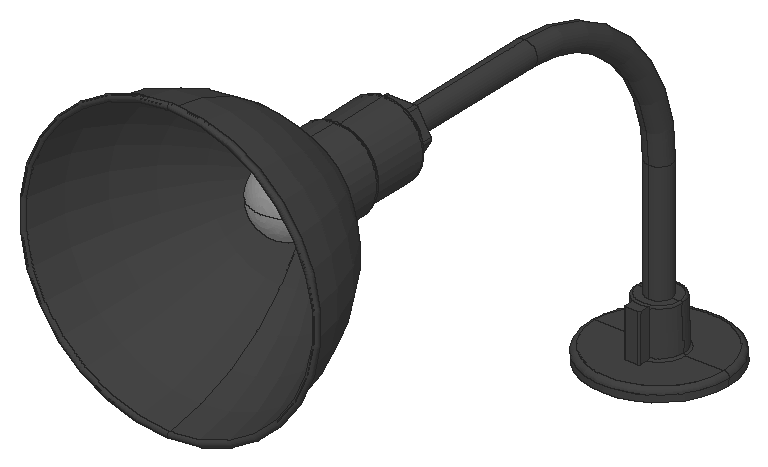
Revit family "BLE-G-DBW-G12-E26", category Lighting Fixtures, host Face, Revit 2022
Family settings
  Host = Face
  Round Connector Dimension = Use Diameter
  Part Type = Normal
  Cut with Voids When Loaded = No
  Light Source = Yes
  Maintain Annotation Orientation = No
  Shared = No
  Room Calculation Point = No
Parameters (values of type "10"")
  Wattage = 5.72229 W
  built-in parameter 1150110 = 1 (stored number, unit not read)
  built-in parameter 1114217 = 1 (stored number, unit not read)
  Tilt Angle = 0.00°
  built-in parameter 1150109 = 1 (stored number, unit not read)
  built-in parameter 1150134 = (empty or 0)
  built-in parameter 1150113 = 1 (stored number, unit not read)
  Gooseneck Material = 100 - Black
  Shade Material = 100 - Black
  Photometric Web File = "generic"
  built-in parameter 1150142 = (empty or 0)
  built-in parameter 1150105 = 67.641 (stored number, unit not read)
  Lumens = 850 lm
  built-in parameter 1150115 = 1 (stored number, unit not read)
  built-in parameter 1150137 = (empty or 0)
  built-in parameter 1150139 = (empty or 0)
  built-in parameter 1150112 = 1 (stored number, unit not read)
  built-in parameter 1150114 = 1 (stored number, unit not read)
  built-in parameter 1150132 = 2
  built-in parameter 1150102 = (empty or 0)
  built-in parameter 1150107 = 3000 (stored number, unit not read)
  built-in parameter 1150138 = (empty or 0)
  built-in parameter 1150106 = 0.67641 (stored number, unit not read)
  built-in parameter 1150104 = 13.8 (stored number, unit not read)
  20" = no
  Dimming Lamp Color Temperature Shift = <None>
  Default Elevation = 4' - 0"
  Color Filter = 16777215
  Base Material = 100 - Black
  built-in parameter 1114218 = 1 (stored number, unit not read)
  built-in parameter 1150133 = 10 (stored number, unit not read)
  16" = no
  14" = no
  12" = no
  10" = yes
Types (6): name | 20" | 16" | 14" | 12" | 10"
  (no name) | no | no | no | no | yes
  12" | no | no | no | yes | no
  14" | no | no | yes | no | no
  16" | no | yes | no | no | no
  10" | no | no | no | no | yes
  20" | yes | no | no | no | no
Reference planes (in)
  plane 1 "Center (Front/Back)": y = 0
  plane 2: z = 0
  plane 3 "Center (Left/Right)": x = 0
Lines and regions (in)
  reference lines
    curve 1: line (0, 32, 0) -> (0, -36, 0)
    curve 2: line (-33.11947, 0, 0) -> (37.88053, 0, 0)
Dimensions and locks (in)
  locked: plane 1 "Center (Front/Back)" to imposter light at 15.5
  aligned and locked: plane 2 to host face
  aligned and locked: level to host face
  aligned and locked: plane 3 "Center (Left/Right)" to nested 1
  aligned and locked: plane 1 "Center (Front/Back)" to nested 1
  aligned and locked: nested 4 to imposter light
  aligned and locked: imposter light to nested 6  (x2)
  aligned and locked: nested 7 to nested 3
  aligned and locked: imposter light to plane 3 "Center (Left/Right)"
  aligned and locked: plane 1 "Center (Front/Back)" to nested 2
  aligned and locked: imposter light to nested 7
  aligned and locked: nested 5 to nested 2
  aligned and locked: imposter light to nested 3  (x2)
  aligned and locked: nested 3 to nested 5
Nested families (in)
  nested 1: "WBP-7501" at (0, 0, 0), type "WBP-7501"
  nested 2: "G12" at (0, 0, 1.975), type "GNK-5011"
  nested 3: "DBW Shade" at (0, -11.40156, 11.59994) x (0, 0, -1) z (0, -1, 0), type "DBW Shade"
    with 24" no, 20" no, 16" no, 14" no, 12" no
  nested 4: "103264" at (0, -3.60156, 11.59994) x (0, 0, -1) z (0, -1, 0), type "103264"
    with Heat Sink 9" no
  nested 5: "CPL-0004" at (0, -10.75138, 11.59994) x (1, 0, 0) z (0, -1, 0), type "CPL-0004"
  nested 6: "E26 Socket Assy" at (0, -11.44062, 11.59994) x (0, 0, -1) z (0, -1, 0), type "E26 Socket Assy"
  nested 7: "E26 Bulb" at (0, -13.69561, 11.59994) x (1, 0, 0) z (0, -1, 0), type "E26 Bulb"
Connectors (in)
  electrical at (0, 0, 0)
    settings: index 1, voltage 0 V, apparent load 0 VA, apparent load phase1 0 VA, apparent load phase2 0 VA, apparent load phase3 0 VA, power factor 1, load classification "Other", number of poles 1, system type 31, power factor state 1, is connector primary yes, connector utility no, sub classification motor no, connector description ""
Definition of nested family "WBP-7501"
  Parameters (values of type "WBP-7501")
    Default Elevation = 3' - 0"
    Base Material = none
  Reference planes (in)
    plane 1 "Center (Front/Back)": y = 0
    plane 2: z = 0
    plane 3 "Center (Left/Right)": x = 0
    plane 4 "Base Dia": x = -2.325
    plane 5 "Base Height": z = 0.4
    plane 6 "Fillet Radius": z = 0.225
    plane 7: z = 0.458
    plane 8: x = -0.87
    plane 9: x = -0.81
    plane 10: x = -0.76
    plane 11: z = 1.917
    plane 12: z = 1.975
    plane 13: x = -0.7
    plane 14: x = -0.2595
    plane 15: x = 0.2595
    plane 16: y = -1.135
  Forms (in)
    Extrusion 1, solid
      sketch origin (0, 0, 0) x (1, 0, 0) y (0, 1, 0)
        loop
          line (-48, 48) -> (-48, -48) -> (48, -48) -> (48, 48) -> (-48, 48)
      from 0 to -12
    Revolve 2, solid, material <- "Base Material"
      sketch origin (0, 0, 0) x (1, 0, 0) y (0, 0, 1)
        loop
          line (0, 0) -> (0, 1.975) -> (-0.7, 1.975)
          arc (-0.7, 1.975) -> (-0.74172, 1.95814) -> (-0.76, 1.91702) r 0.06003
          line (-0.76, 1.91702) -> (-0.81, 0.458)
          arc (-0.81, 0.458) -> (-0.82699, 0.41699) -> (-0.868, 0.4) r 0.058
          line (-0.868, 0.4) -> (-2.15, 0.4)
          arc (-2.15, 0.4) -> (-2.27374, 0.34874) -> (-2.325, 0.225) r 0.175
          line (-2.325, 0.225) -> (-2.325, 0) -> (0, 0)
        axis (0, 0) -> (0, 1.975)
      angle from 0 to 360
    Extrusion 3, solid, material <- "Base Material"
      sketch origin (0, 0, 0) x (1, 0, 0) y (0, 1, 0)
        loop
          line (-0.2595, -0.76731) -> (-0.2595, -1.075)
          arc (-0.2595, -1.075) -> (-0.24193, -1.11743) -> (-0.1995, -1.135) r 0.06
          line (-0.1995, -1.135) -> (0.1995, -1.135)
          arc (0.1995, -1.135) -> (0.24193, -1.11743) -> (0.2595, -1.075) r 0.06
          line (0.2595, -1.075) -> (0.2595, -0.76731)
          arc (0.2595, -0.76731) -> (0, -0.81) -> (-0.2595, -0.76731) r 0.81
      from 0 to 1.975
  Cuts and joins
    joined: Revolve 2, Extrusion 3
  Dimensions and locks (in)
    plane 4 "Base Dia" to plane 3 "Center (Left/Right)" = 0' - 2.325"
    locked: plane 5 "Base Height" to Extrusion 1 at 0.4
    locked: plane 3 "Center (Left/Right)" to plane 4 "Base Dia" at 2.325
    locked: plane 5 "Base Height" to plane 6 "Fillet Radius" at 0.175
    locked: plane 3 "Center (Left/Right)" to plane 9 at 0.81
    locked: plane 3 "Center (Left/Right)" to plane 8 at 0.87
    locked: plane 3 "Center (Left/Right)" to plane 10 at 0.76
    locked: plane 3 "Center (Left/Right)" to plane 13 at 0.7
    locked: plane 11 to plane 5 "Base Height" at 1.517
    locked: plane 12 to plane 5 "Base Height" at 1.575
    locked: plane 7 to plane 5 "Base Height" at 0.058
    locked: plane 14 to plane 3 "Center (Left/Right)" at 0.2595
    locked: plane 3 "Center (Left/Right)" to plane 15 at 0.2595
    locked: plane 16 to plane 1 "Center (Front/Back)" at 1.135
    radius of Revolve 2 sketch curve = 0' - 0.175"
    aligned and locked: plane 2 to Extrusion 1
    aligned and locked: level to Extrusion 1
    aligned and locked: Revolve 2 sketch curve to plane 5 "Base Height"
    aligned and locked: plane 9 to Revolve 2 sketch curve
    aligned and locked: plane 3 "Center (Left/Right)" to Revolve 2 sketch curve
    aligned and locked: plane 15 to Extrusion 3 sketch curve
    aligned and locked: Extrusion 3 sketch curve to plane 16
    aligned and locked: Extrusion 3 sketch curve to plane 14
  Automatic sketch dimensions
    Extrusion 1 sketch curve to Extrusion 1 sketch curve = 8' - 0"  (x2)
    Revolve 2 sketch curve to level = 0' - 0"
    Revolve 2 sketch curve to plane 4 "Base Dia" = 0' - 0"
    Revolve 2 sketch curve to plane 7 = 0' - 0"  (x2)
    plane 10 to Revolve 2 sketch curve = 0' - 0"
    Revolve 2 sketch curve to plane 12 = 0' - 0"
    Revolve 2 sketch curve to plane 13 = 0' - 0"
    Revolve 2 sketch curve to plane 3 "Center (Left/Right)" = 0' - 0"
    Revolve 2 sketch curve to Revolve 2 sketch curve = 0' - 0.22742"
    Revolve 2 sketch curve to Revolve 2 sketch curve = 0' - 1.76377"
    plane 1 "Center (Front/Back)" to Extrusion 3 sketch curve = 0' - 0"
    Extrusion 3 sketch curve to plane 3 "Center (Left/Right)" = 0' - 0"
    plane 14 to Extrusion 3 sketch curve = 0' - 0.06"
    Extrusion 3 sketch curve to plane 15 = 0' - 0.06"
    Extrusion 3 sketch curve to Extrusion 3 sketch curve = 0' - 0.30769"
Definition of nested family "G12"
  Parameters (values of type "G12")
    Gooseneck Material = none
    Default Elevation = 2' - 0"
  Reference planes (in)
    plane 1 "Center (Front/Back)": y = 0
    plane 2: z = 0
    plane 3 "Center (Left/Right)": x = 0
    plane 4 "Wood Height": z = 0
    plane 5: z = 9.62494
  Forms (in)
    Extrusion 1, solid
      sketch origin (0, 0, 0) x (1, 0, 0) y (0, 1, 0)
        loop
          line (-48, 48) -> (-48, -48) -> (48, -48) -> (48, 48) -> (-48, 48)
      from 0 to -12
    Sweep 2, solid, material <- "Gooseneck Material"
      path origin (0, 0, 0) x (0, 1, 0) y (0, 0, 1)
        loop
          line (0, -0.0015) -> (0, 4.00291)
          arc (0, 4.00291) -> (-1.64665, 7.97828) -> (-5.62202, 9.62494) r 5.62202
          line (-5.62202, 9.62494) -> (-10.75138, 9.62494)
      profile origin (0, 0, 2.00071) x (0, -1, 0) y (1, 0, 0)
        loop
          circle (0, 0) r 0.42
  Dimensions and locks (in)
    aligned and locked: plane 2 to Extrusion 1
    aligned and locked: level to Extrusion 1
    aligned and locked: Extrusion 1 to plane 4 "Wood Height"
  Automatic sketch dimensions
    Extrusion 1 sketch curve to Extrusion 1 sketch curve = 8' - 0"  (x2)
    Sweep 2 sketch curve to plane 1 "Center (Front/Back)" = 0' - 0"
    plane 1 "Center (Front/Back)" to Sweep 2 sketch curve = 0' - 5.62202"
    level to Sweep 2 sketch curve = 0' - 4.00291"
    Sweep 2 sketch curve to Sweep 2 sketch curve = 0' - 5.12936"
    Sweep 2 sketch curve to level = 0' - 0.0015"
    Sweep 2 sketch curve to plane 3 "Center (Left/Right)" = 0' - 0"
    Sweep 2 sketch curve to profile plane = 0' - 0"
    radius of Sweep 2 sketch curve = 0' - 0.42"
Definition of nested family "DBW Shade"
  Parameters (values of type "DBW Shade")
    Shade Material = none
    Default Elevation = 2' - 0"
    24" = yes
    20" = yes
    10" = yes
    16" = yes
    14" = yes
    12" = yes
  Reference planes (in)
    plane 1 "Center (Front/Back)": y = 0
    plane 2: z = 0
    plane 3 "Center (Left/Right)": x = 0
  Forms (in)
    Extrusion 1, solid
      sketch origin (0, 0, 0) x (1, 0, 0) y (0, 1, 0)
        loop
          line (-48, 48) -> (-48, -48) -> (48, -48) -> (48, 48) -> (-48, 48)
      from 0 to -12
  Dimensions and locks (in)
    aligned and locked: plane 2 to Extrusion 1
    aligned and locked: level to Extrusion 1
    aligned and locked: plane 1 "Center (Front/Back)" to nested 1
    aligned and locked: plane 3 "Center (Left/Right)" to nested 1
    aligned and locked: plane 3 "Center (Left/Right)" to nested 2
    aligned and locked: plane 1 "Center (Front/Back)" to nested 2
    aligned and locked: plane 1 "Center (Front/Back)" to nested 3
    aligned and locked: plane 3 "Center (Left/Right)" to nested 3
    aligned and locked: plane 1 "Center (Front/Back)" to nested 4
    aligned and locked: plane 1 "Center (Front/Back)" to nested 5
    aligned and locked: plane 3 "Center (Left/Right)" to nested 5
    aligned and locked: plane 3 "Center (Left/Right)" to nested 6
    aligned and locked: plane 1 "Center (Front/Back)" to nested 6
    aligned and locked: plane 3 "Center (Left/Right)" to nested 4
  Nested families (in)
    nested 1: "SHD-0028" at (0, 0, 0), visible <- "10"", type "SHD-0028"
    nested 2: "SHD-0029" at (0, 0, 0), visible <- "12"", type "SHD-0029"
    nested 3: "SHD-0114" at (0, 0, 0), visible <- "14"", type "SHD-0114"
    nested 4: "SHD-0115" at (0, 0, 0), visible <- "16"", type "SHD-0115"
    nested 5: "SHD-0308" at (0, 0, 0), visible <- "24"", type "SHD-0308"
    nested 6: "SHD-0223" at (0, 0, 0), visible <- "20"", type "SHD-0223"
  Definition of nested family "SHD-0028"
    Parameters (values of type "SHD-0028")
      Shade Material = none
      Default Elevation = 2' - 0"
    Reference planes (in)
      plane 1 "Center (Front/Back)": y = 0
      plane 2: z = 0
      plane 3 "Center (Left/Right)": x = 0
      plane 4 "Wood Height": z = 0
      plane 5 "Nut Radius": x = -1.03713
      plane 6 "Nut Flat": x = -0.861
      plane 7 "Shade Thickness": z = 0.04
      plane 8 "Lower Shade bottom": z = 9.109
      plane 9 "Lower Shade Outer Dia": x = -5
      plane 10 "Shade Top Dia": x = -1.20713
      plane 11 "Shade Middle Radius Height1": z = 1.965
      plane 12 "Shade Lower Diameter1": x = -1.44113
      plane 13 "Shade Top Radius": x = -1.29713
      plane 14 "Shade Middle Radious Height2": z = 2.105
      plane 15 "Shade Middle Radius Diameter2": x = -1.41363
      plane 16 "Lip Height": z = 9.029
      plane 17 "Bowl Start": z = 3.545
      plane 18: x = -4.85
      plane 19: z = 9.069
    Forms (in)
      Extrusion 1, solid
        sketch origin (0, 0, 0) x (1, 0, 0) y (0, 1, 0)
          loop
            line (-48, 48) -> (-48, -48) -> (48, -48) -> (48, 48) -> (-48, 48)
        from 0 to -12
      Revolve 2, solid, material <- "Shade Material"
        sketch origin (0, 0, 0) x (1, 0, 0) y (0, 0, 1)
          loop
            line (0, 0) -> (0, 0.03906) -> (-1.20713, 0.03906)
            arc (-1.20713, 0.03906) -> (-1.24314, 0.05398) -> (-1.25806, 0.09) r 0.05094
            line (-1.25806, 0.09) -> (-1.25806, 1.94384)
            arc (-1.25806, 1.94384) -> (-1.26409, 1.97759) -> (-1.28141, 2.00717) r 0.09757
            line (-1.28141, 2.00717) -> (-1.37456, 2.11635) -> (-1.37456, 3.48096)
            arc (-1.37456, 3.48096) -> (-1.39014, 3.54099) -> (-1.43295, 3.58588) r 0.12347
            arc (-1.43295, 3.58588) -> (-3.7536, 5.90437) -> (-4.80544, 9.01154) r 7.20294
            arc (-4.80544, 9.01154) -> (-4.99326, 9.04214) -> (-4.84504, 8.9228) r 0.09841
            line (-4.84504, 8.9228) -> (-4.86619, 8.95581)
            arc (-4.86619, 8.95581) -> (-4.95809, 9.02506) -> (-4.84432, 9.00777) r 0.05934
            arc (-4.84432, 9.00777) -> (-3.78678, 5.88375) -> (-1.45354, 3.55268) r 7.242
            arc (-1.45354, 3.55268) -> (-1.42428, 3.522) -> (-1.41363, 3.48096) r 0.0844
            line (-1.41363, 3.48096) -> (-1.41363, 2.13147)
            arc (-1.41363, 2.13147) -> (-1.40868, 2.10377) -> (-1.39446, 2.07949) r 0.08009
            line (-1.39446, 2.07949) -> (-1.31112, 1.98181)
            arc (-1.31112, 1.98181) -> (-1.30074, 1.96408) -> (-1.29713, 1.94384) r 0.0585
            line (-1.29713, 1.94384) -> (-1.29713, 0.09)
            arc (-1.29713, 0.09) -> (-1.27077, 0.02636) -> (-1.20713, 0) r 0.09
            line (-1.20713, 0) -> (0, 0)
          axis (0, 9.01154) -> (0, 0)
        angle from 0 to 360
    Dimensions and locks (in)
      locked: plane 6 "Nut Flat" to plane 3 "Center (Left/Right)" at 0.861
      locked: plane 7 "Shade Thickness" to plane 4 "Wood Height" at 0.04
      locked: plane 3 "Center (Left/Right)" to plane 9 "Lower Shade Outer Dia" at 5
      locked: plane 11 "Shade Middle Radius Height1" to plane 4 "Wood Height" at 1.965
      locked: plane 14 "Shade Middle Radious Height2" to plane 4 "Wood Height" at 2.105
      locked: plane 8 "Lower Shade bottom" to plane 16 "Lip Height" at 0.08
      locked: plane 17 "Bowl Start" to plane 4 "Wood Height" at 3.545
      locked: plane 18 to plane 9 "Lower Shade Outer Dia" at 0.15
      locked: plane 8 "Lower Shade bottom" to plane 19 at 0.04
      locked: plane 8 "Lower Shade bottom" to plane 4 "Wood Height" at 9.109
      aligned and locked: plane 2 to Extrusion 1
      aligned and locked: level to Extrusion 1
      aligned and locked: plane 4 "Wood Height" to Revolve 2 sketch curve
      aligned and locked: plane 10 "Shade Top Dia" to Revolve 2 sketch curve
      aligned and locked: Revolve 2 sketch curve to plane 15 "Shade Middle Radius Diameter2"
      aligned and locked: Revolve 2 sketch curve to plane 13 "Shade Top Radius"
      aligned and locked: Extrusion 1 to plane 4 "Wood Height"
    Automatic sketch dimensions
      Extrusion 1 sketch curve to Extrusion 1 sketch curve = 8' - 0"  (x2)
      Revolve 2 sketch curve to Revolve 2 sketch curve = 0' - 0"  (x12)
      Revolve 2 sketch curve to plane 3 "Center (Left/Right)" = 0' - 0"  (x2)
      plane 18 to Revolve 2 sketch curve = 0' - 0.00496"
      Revolve 2 sketch curve to plane 18 = 0' - 0.01619"
      plane 15 "Shade Middle Radius Diameter2" to Revolve 2 sketch curve = 0' - 0.01916"
      plane 14 "Shade Middle Radious Height2" to Revolve 2 sketch curve = 0' - 0.01135"
      plane 15 "Shade Middle Radius Diameter2" to Revolve 2 sketch curve = 0' - 0 5/128"
      Revolve 2 sketch curve to plane 11 "Shade Middle Radius Height1" = 0' - 0.02116"
      plane 15 "Shade Middle Radius Diameter2" to Revolve 2 sketch curve = 0' - 0.058"
      plane 14 "Shade Middle Radious Height2" to Revolve 2 sketch curve = 0' - 0.02647"
      Revolve 2 sketch curve to plane 13 "Shade Top Radius" = 0' - 0.01572"
      Revolve 2 sketch curve to Revolve 2 sketch curve = 0' - 0 5/128"
      Revolve 2 sketch curve to plane 17 "Bowl Start" = 0' - 0.06404"
      plane 18 to Revolve 2 sketch curve = 0' - 0.00568"
      plane 17 "Bowl Start" to Revolve 2 sketch curve = 0' - 0.15101"
      Revolve 2 sketch curve to Revolve 2 sketch curve = 0' - 2.15863"
      Revolve 2 sketch curve to plane 12 "Shade Lower Diameter1" = 0' - 0.00818"
      Revolve 2 sketch curve to Revolve 2 sketch curve = 0' - 0.03888"  (x2)
      Revolve 2 sketch curve to Revolve 2 sketch curve = 0' - 0.03301"
      Revolve 2 sketch curve to Revolve 2 sketch curve = 0' - 0.02059"
      Revolve 2 sketch curve to Revolve 2 sketch curve = 0' - 0.03319"
  Definition of nested family "SHD-0029"
    Parameters (values of type "SHD-0029")
      Shade Material = none
      Default Elevation = 2' - 0"
    Reference planes (in)
      plane 1 "Center (Front/Back)": y = 0
      plane 2: z = 0
      plane 3 "Center (Left/Right)": x = 0
      plane 4 "Wood Height": z = 0
      plane 5 "Nut Radius": x = -1.03713
      plane 6 "Nut Flat": x = -0.861
      plane 7 "Shade Thickness": z = 0.04
      plane 8 "Shade Top Dia": x = -1.20713
      plane 9 "Shade Middle Radius Height1": z = 1.965
      plane 10 "Shade Lower Diameter1": x = -1.44113
      plane 11 "Shade Top Radius": x = -1.29713
      plane 12 "Shade Middle Radious Height2": z = 2.105
      plane 13 "Shade Middle Radius Diameter2": x = -1.41363
      plane 14 "Bowl Start": z = 3.545
    Forms (in)
      Extrusion 1, solid
        sketch origin (0, 0, 0) x (1, 0, 0) y (0, 1, 0)
          loop
            line (-48, 48) -> (-48, -48) -> (48, -48) -> (48, 48) -> (-48, 48)
        from 0 to -12
      Revolve 2, solid, material <- "Shade Material"
        sketch origin (0, 0, 0) x (1, 0, 0) y (0, 0, 1)
          loop
            line (0, 0) -> (0, 0.03906) -> (-1.20713, 0.03906)
            arc (-1.20713, 0.03906) -> (-1.24314, 0.05398) -> (-1.25806, 0.09) r 0.05094
            line (-1.25806, 0.09) -> (-1.25806, 1.94384)
            arc (-1.25806, 1.94384) -> (-1.26409, 1.97759) -> (-1.28141, 2.00717) r 0.09757
            line (-1.28141, 2.00717) -> (-1.37456, 2.11635) -> (-1.37456, 3.49488)
            arc (-1.37456, 3.49488) -> (-1.3856, 3.54027) -> (-1.41623, 3.57553) r 0.09889
            arc (-1.41623, 3.57553) -> (-4.2546, 6.22323) -> (-5.80711, 9.7808) r 9.56481
            arc (-5.80711, 9.7808) -> (-5.99536, 9.79563) -> (-5.84506, 9.68132) r 0.09841
            line (-5.84506, 9.68132) -> (-5.86621, 9.71432)
            arc (-5.86621, 9.71432) -> (-5.9593, 9.78052) -> (-5.84534, 9.77276) r 0.05934
            arc (-5.84534, 9.77276) -> (-4.28694, 6.2013) -> (-1.43786, 3.54296) r 9.60387
            arc (-1.43786, 3.54296) -> (-1.42003, 3.5218) -> (-1.41363, 3.49488) r 0.05982
            line (-1.41363, 3.49488) -> (-1.41363, 2.13147)
            arc (-1.41363, 2.13147) -> (-1.40868, 2.10377) -> (-1.39446, 2.07949) r 0.08009
            line (-1.39446, 2.07949) -> (-1.31112, 1.98181)
            arc (-1.31112, 1.98181) -> (-1.30074, 1.96408) -> (-1.29713, 1.94384) r 0.0585
            line (-1.29713, 1.94384) -> (-1.29713, 0.09)
            arc (-1.29713, 0.09) -> (-1.27077, 0.02636) -> (-1.20713, 0) r 0.09
            line (-1.20713, 0) -> (0, 0)
          axis (0, 9.7808) -> (0, 0)
        angle from 0 to 360
    Dimensions and locks (in)
      locked: plane 6 "Nut Flat" to plane 3 "Center (Left/Right)" at 0.861
      locked: plane 7 "Shade Thickness" to plane 4 "Wood Height" at 0.04
      locked: plane 9 "Shade Middle Radius Height1" to plane 4 "Wood Height" at 1.965
      locked: plane 12 "Shade Middle Radious Height2" to plane 4 "Wood Height" at 2.105
      locked: plane 14 "Bowl Start" to plane 4 "Wood Height" at 3.545
      aligned and locked: plane 2 to Extrusion 1
      aligned and locked: level to Extrusion 1
      aligned and locked: plane 4 "Wood Height" to Revolve 2 sketch curve
      aligned and locked: plane 8 "Shade Top Dia" to Revolve 2 sketch curve
      aligned and locked: Revolve 2 sketch curve to plane 13 "Shade Middle Radius Diameter2"
      aligned and locked: Revolve 2 sketch curve to plane 11 "Shade Top Radius"
      aligned and locked: Extrusion 1 to plane 4 "Wood Height"
    Automatic sketch dimensions
      Extrusion 1 sketch curve to Extrusion 1 sketch curve = 8' - 0"  (x2)
      Revolve 2 sketch curve to Revolve 2 sketch curve = 0' - 0"  (x15)
      Revolve 2 sketch curve to plane 3 "Center (Left/Right)" = 0' - 0"  (x2)
      plane 10 "Shade Lower Diameter1" to Revolve 2 sketch curve = 0' - 0.03232"
      Revolve 2 sketch curve to Revolve 2 sketch curve = 0' - 0.02115"
      Revolve 2 sketch curve to Revolve 2 sketch curve = 0' - 0.0372"
      plane 13 "Shade Middle Radius Diameter2" to Revolve 2 sketch curve = 0' - 0.01916"
      plane 12 "Shade Middle Radious Height2" to Revolve 2 sketch curve = 0' - 0.01135"
      plane 13 "Shade Middle Radius Diameter2" to Revolve 2 sketch curve = 0' - 0 5/128"
      Revolve 2 sketch curve to plane 9 "Shade Middle Radius Height1" = 0' - 0.02116"
      plane 13 "Shade Middle Radius Diameter2" to Revolve 2 sketch curve = 0' - 0.058"
      plane 12 "Shade Middle Radious Height2" to Revolve 2 sketch curve = 0' - 0.02647"
      Revolve 2 sketch curve to plane 11 "Shade Top Radius" = 0' - 0.01572"
      Revolve 2 sketch curve to Revolve 2 sketch curve = 0' - 0 5/128"
      Revolve 2 sketch curve to plane 14 "Bowl Start" = 0' - 0.05012"
      Revolve 2 sketch curve to Revolve 2 sketch curve = 0' - 0.03301"
      Revolve 2 sketch curve to Revolve 2 sketch curve = 0' - 0.04623"
      Revolve 2 sketch curve to plane 13 "Shade Middle Radius Diameter2" = 0' - 0.00261"
      Revolve 2 sketch curve to plane 14 "Bowl Start" = 0' - 0.00204"
      plane 14 "Bowl Start" to Revolve 2 sketch curve = 0' - 0.15101"
      Revolve 2 sketch curve to Revolve 2 sketch curve = 0' - 2.15863"
      plane 10 "Shade Lower Diameter1" to Revolve 2 sketch curve = 0' - 4.40394"
      plane 3 "Center (Left/Right)" to Revolve 2 sketch curve = 0' - 3.5532"
      plane 14 "Bowl Start" to Revolve 2 sketch curve = 0' - 6.13632"
  Definition of nested family "SHD-0114"
    Parameters (values of type "SHD-0114")
      Shade Material = none
      Default Elevation = 2' - 0"
    Reference planes (in)
      plane 1 "Center (Front/Back)": y = 0
      plane 2: z = 0
      plane 3 "Center (Left/Right)": x = 0
      plane 4 "Wood Height": z = 0
    Forms (in)
      Extrusion 1, solid
        sketch origin (0, 0, 0) x (1, 0, 0) y (0, 1, 0)
          loop
            line (-48, 48) -> (-48, -48) -> (48, -48) -> (48, 48) -> (-48, 48)
        from 0 to -12
      Revolve 2, solid, material <- "Shade Material"
        sketch origin (0, 0, 0) x (1, 0, 0) y (0, 0, 1)
          loop
            line (0, 0) -> (0, 0.03906) -> (-1.45545, 0.03906)
            arc (-1.45545, 0.03906) -> (-1.49164, 0.05405) -> (-1.50663, 0.09025) r 0.05119
            line (-1.50663, 0.09025) -> (-1.50663, 2.07228)
            arc (-1.50663, 2.07228) -> (-1.51325, 2.1034) -> (-1.53194, 2.12913) r 0.0765
            line (-1.53194, 2.12913) -> (-1.59895, 2.18946)
            arc (-1.59895, 2.18946) -> (-1.61737, 2.21483) -> (-1.62389, 2.24549) r 0.07539
            line (-1.62389, 2.24549) -> (-1.62389, 3.76049)
            arc (-1.62389, 3.76049) -> (-1.63985, 3.81863) -> (-1.68326, 3.86047) r 0.11386
            arc (-1.68326, 3.86047) -> (-5.12462, 6.95788) -> (-6.79993, 11.27416) r 9.99002
            arc (-6.79993, 11.27416) -> (-6.99505, 11.29998) -> (-6.84047, 11.17815) r 0.10205
            line (-6.84047, 11.17815) -> (-6.86365, 11.20959)
            arc (-6.86365, 11.20959) -> (-6.95906, 11.28479) -> (-6.83863, 11.26885) r 0.06299
            arc (-6.83863, 11.26885) -> (-5.15677, 6.93569) -> (-1.70196, 3.82617) r 10.02909
            arc (-1.70196, 3.82617) -> (-1.67344, 3.79868) -> (-1.66295, 3.76049) r 0.07479
            line (-1.66295, 3.76049) -> (-1.66295, 2.24549)
            arc (-1.66295, 2.24549) -> (-1.65306, 2.19894) -> (-1.62508, 2.16043) r 0.11445
            line (-1.62508, 2.16043) -> (-1.55808, 2.1001)
            arc (-1.55808, 2.1001) -> (-1.54893, 2.08751) -> (-1.54569, 2.07228) r 0.03743
            line (-1.54569, 2.07228) -> (-1.54569, 0.09025)
            arc (-1.54569, 0.09025) -> (-1.51926, 0.02643) -> (-1.45545, 0) r 0.09025
            line (-1.45545, 0) -> (0, 0)
          axis (0, 11.27416) -> (0, 0)
        angle from 0 to 360
    Dimensions and locks (in)
      aligned and locked: plane 2 to Extrusion 1
      aligned and locked: level to Extrusion 1
      aligned and locked: Extrusion 1 to plane 4 "Wood Height"
    Automatic sketch dimensions
      Extrusion 1 sketch curve to Extrusion 1 sketch curve = 8' - 0"  (x2)
      Revolve 2 sketch curve to Revolve 2 sketch curve = 0' - 0"  (x25)
      Revolve 2 sketch curve to level = 0' - 0"
      Revolve 2 sketch curve to plane 3 "Center (Left/Right)" = 0' - 0"  (x2)
      Revolve 2 sketch curve to Revolve 2 sketch curve = 0' - 0.01239"
      Revolve 2 sketch curve to Revolve 2 sketch curve = 0' - 0.07479"
      Revolve 2 sketch curve to Revolve 2 sketch curve = 0' - 0.02318"
      Revolve 2 sketch curve to Revolve 2 sketch curve = 0' - 0.03738"
      Revolve 2 sketch curve to Revolve 2 sketch curve = 0' - 0.03144"
      Revolve 2 sketch curve to Revolve 2 sketch curve = 0' - 0.0507"
      Revolve 2 sketch curve to Revolve 2 sketch curve = 0' - 0.01869"  (x2)
      Revolve 2 sketch curve to Revolve 2 sketch curve = 0' - 2.15863"
      plane 3 "Center (Left/Right)" to Revolve 2 sketch curve = 0' - 3.09734"
      Revolve 2 sketch curve to Revolve 2 sketch curve = 0' - 0.02614"
      Revolve 2 sketch curve to Revolve 2 sketch curve = 0' - 0 5/128"  (x2)
      Revolve 2 sketch curve to Revolve 2 sketch curve = 0' - 1.45545"
      Revolve 2 sketch curve to Revolve 2 sketch curve = 0' - 0.05119"
      Revolve 2 sketch curve to Revolve 2 sketch curve = 0' - 0.02531"
      Revolve 2 sketch curve to Revolve 2 sketch curve = 0' - 0.01656"
      Revolve 2 sketch curve to Revolve 2 sketch curve = 0' - 0.02505"
      Revolve 2 sketch curve to Revolve 2 sketch curve = 0' - 0.05045"
      Revolve 2 sketch curve to plane 3 "Center (Left/Right)" = 0' - 6.84047"
      Revolve 2 sketch curve to Revolve 2 sketch curve = 0' - 1.98204"
      Revolve 2 sketch curve to Revolve 2 sketch curve = 0' - 1.515"
      Revolve 2 sketch curve to Revolve 2 sketch curve = 0' - 7.41765"
      Revolve 2 sketch curve to Revolve 2 sketch curve = 0' - 0.06448"
  Definition of nested family "SHD-0115"
    Parameters (values of type "SHD-0115")
      Shade Material = none
      Default Elevation = 2' - 0"
    Reference planes (in)
      plane 1 "Center (Front/Back)": y = 0
      plane 2: z = 0
      plane 3 "Center (Left/Right)": x = 0
      plane 4 "Wood Height": z = 0
    Forms (in)
      Extrusion 1, solid
        sketch origin (0, 0, 0) x (1, 0, 0) y (0, 1, 0)
          loop
            line (-48, 48) -> (-48, -48) -> (48, -48) -> (48, 48) -> (-48, 48)
        from 0 to -12
      Revolve 2, solid, material <- "Shade Material"
        sketch origin (0, 0, 0) x (1, 0, 0) y (0, 0, 1)
          loop
            line (0, 0) -> (0, 0.03906) -> (-1.45545, 0.03906)
            arc (-1.45545, 0.03906) -> (-1.49164, 0.05405) -> (-1.50663, 0.09025) r 0.05119
            line (-1.50663, 0.09025) -> (-1.50663, 2.07228)
            arc (-1.50663, 2.07228) -> (-1.51325, 2.1034) -> (-1.53194, 2.12913) r 0.0765
            line (-1.53194, 2.12913) -> (-1.59895, 2.18946)
            arc (-1.59895, 2.18946) -> (-1.61737, 2.21483) -> (-1.62389, 2.24549) r 0.07539
            line (-1.62389, 2.24549) -> (-1.62389, 3.76049)
            arc (-1.62389, 3.76049) -> (-1.64115, 3.82076) -> (-1.6877, 3.86276) r 0.11386
            arc (-1.6877, 3.86276) -> (-5.9143, 7.51176) -> (-7.79992, 12.76759) r 10.98102
            arc (-7.79992, 12.76759) -> (-7.99459, 12.80067) -> (-7.84102, 12.67655) r 0.10205
            line (-7.84102, 12.67655) -> (-7.8642, 12.70799)
            arc (-7.8642, 12.70799) -> (-7.95899, 12.7846) -> (-7.83883, 12.76418) r 0.06299
            arc (-7.83883, 12.76418) -> (-5.94651, 7.48965) -> (-1.70487, 3.82767) r 11.02008
            arc (-1.70487, 3.82767) -> (-1.67429, 3.80009) -> (-1.66295, 3.76049) r 0.07479
            line (-1.66295, 3.76049) -> (-1.66295, 2.24549)
            arc (-1.66295, 2.24549) -> (-1.65306, 2.19894) -> (-1.62508, 2.16043) r 0.11445
            line (-1.62508, 2.16043) -> (-1.55808, 2.1001)
            arc (-1.55808, 2.1001) -> (-1.54893, 2.08751) -> (-1.54569, 2.07228) r 0.03743
            line (-1.54569, 2.07228) -> (-1.54569, 0.09025)
            arc (-1.54569, 0.09025) -> (-1.51926, 0.02643) -> (-1.45545, 0) r 0.09025
            line (-1.45545, 0) -> (0, 0)
          axis (0, 12.76759) -> (0, 0)
        angle from 0 to 360
    Dimensions and locks (in)
      aligned and locked: plane 2 to Extrusion 1
      aligned and locked: level to Extrusion 1
      aligned and locked: Extrusion 1 to plane 4 "Wood Height"
    Automatic sketch dimensions
      Extrusion 1 sketch curve to Extrusion 1 sketch curve = 8' - 0"  (x2)
      Revolve 2 sketch curve to Revolve 2 sketch curve = 0' - 0"  (x16)
      Revolve 2 sketch curve to level = 0' - 0"
      Revolve 2 sketch curve to plane 3 "Center (Left/Right)" = 0' - 0"  (x2)
      Revolve 2 sketch curve to Revolve 2 sketch curve = 0' - 1.45545"
      Revolve 2 sketch curve to plane 3 "Center (Left/Right)" = 0' - 1.50663"
      Revolve 2 sketch curve to Revolve 2 sketch curve = 0' - 0.02531"
      Revolve 2 sketch curve to Revolve 2 sketch curve = 0' - 0 5/128"
      Revolve 2 sketch curve to Revolve 2 sketch curve = 0' - 0.01656"
      Revolve 2 sketch curve to Revolve 2 sketch curve = 0' - 0.01239"
      Revolve 2 sketch curve to Revolve 2 sketch curve = 0' - 0.02505"
      Revolve 2 sketch curve to Revolve 2 sketch curve = 0' - 0.05045"
      Revolve 2 sketch curve to Revolve 2 sketch curve = 0' - 0.02494"
      Revolve 2 sketch curve to Revolve 2 sketch curve = 0' - 0.02614"
      Revolve 2 sketch curve to Revolve 2 sketch curve = 0' - 0.07479"
      Revolve 2 sketch curve to Revolve 2 sketch curve = 0' - 0.02318"
      Revolve 2 sketch curve to Revolve 2 sketch curve = 0' - 0.03738"
      plane 3 "Center (Left/Right)" to Revolve 2 sketch curve = 0' - 3.13919"
      Revolve 2 sketch curve to Revolve 2 sketch curve = 0' - 1.98204"
      Revolve 2 sketch curve to Revolve 2 sketch curve = 0' - 1.515"
      Revolve 2 sketch curve to Revolve 2 sketch curve = 0' - 0.03144"
      Revolve 2 sketch curve to Revolve 2 sketch curve = 0' - 0.0507"
      Revolve 2 sketch curve to Revolve 2 sketch curve = 0' - 1.04947"
      Revolve 2 sketch curve to Revolve 2 sketch curve = 0' - 0.03891"
      Revolve 2 sketch curve to Revolve 2 sketch curve = 0' - 0.06448"
      Revolve 2 sketch curve to Revolve 2 sketch curve = 0' - 2.15863"
  Definition of nested family "SHD-0308"
    Parameters (values of type "SHD-0308")
      Shade Material = none
      Default Elevation = 2' - 0"
    Reference planes (in)
      plane 1 "Center (Front/Back)": y = 0
      plane 2: z = 0
      plane 3 "Center (Left/Right)": x = 0
      plane 4 "Wood Height": z = 0
    Forms (in)
      Extrusion 1, solid
        sketch origin (0, 0, 0) x (1, 0, 0) y (0, 1, 0)
          loop
            line (-48, 48) -> (-48, -48) -> (48, -48) -> (48, 48) -> (-48, 48)
        from 0 to -12
      Revolve 2, solid, material <- "Shade Material"
        sketch origin (0, 0, 0) x (1, 0, 0) y (0, 0, 1)
          loop
            line (0, 0) -> (0, 0.03906) -> (-2.22237, 0.03906)
            arc (-2.22237, 0.03906) -> (-2.2742, 0.06053) -> (-2.29567, 0.11236) r 0.0733
            line (-2.29567, 0.11236) -> (-2.29567, 3.09806)
            arc (-2.29567, 3.09806) -> (-2.30835, 3.16758) -> (-2.34475, 3.22814) r 0.19691
            line (-2.34475, 3.22814) -> (-2.42725, 3.32189)
            arc (-2.42725, 3.32189) -> (-2.46224, 3.38009) -> (-2.47442, 3.4469) r 0.18923
            line (-2.47442, 3.4469) -> (-2.47442, 5.72055)
            arc (-2.47442, 5.72055) -> (-2.4994, 5.80773) -> (-2.56677, 5.86845) r 0.16462
            arc (-2.56677, 5.86845) -> (-9.0535, 11.47959) -> (-11.91654, 19.56448) r 16.76616
            arc (-11.91654, 19.56448) -> (-11.93143, 19.59499) -> (-11.96306, 19.60734) r 0.04667
            line (-11.96306, 19.60734) -> (-12.00319, 19.60734)
            arc (-12.00319, 19.60734) -> (-12.07667, 19.53386) -> (-12.00319, 19.46037) r 0.07348
            line (-12.00319, 19.46037) -> (-11.96309, 19.46037) -> (-11.96309, 19.49944) -> (-12.00319, 19.49944)
            arc (-12.00319, 19.49944) -> (-12.03761, 19.53386) -> (-12.00319, 19.56828) r 0.03442
            line (-12.00319, 19.56828) -> (-11.95604, 19.56828)
            arc (-11.95604, 19.56828) -> (-9.08774, 11.46046) -> (-2.58392, 5.83336) r 16.80523
            arc (-2.58392, 5.83336) -> (-2.53254, 5.78704) -> (-2.51348, 5.72055) r 0.12556
            line (-2.51348, 5.72055) -> (-2.51348, 3.4469)
            arc (-2.51348, 3.4469) -> (-2.49878, 3.3663) -> (-2.45658, 3.29609) r 0.22829
            line (-2.45658, 3.29609) -> (-2.37408, 3.20234)
            arc (-2.37408, 3.20234) -> (-2.34489, 3.15379) -> (-2.33473, 3.09806) r 0.15785
            line (-2.33473, 3.09806) -> (-2.33473, 0.11236)
            arc (-2.33473, 0.11236) -> (-2.30182, 0.03291) -> (-2.22237, 0) r 0.11236
            line (-2.22237, 0) -> (0, 0)
          axis (0, 19.60734) -> (0, 0)
        angle from 0 to 360
    Dimensions and locks (in)
      aligned and locked: plane 2 to Extrusion 1
      aligned and locked: level to Extrusion 1
      aligned and locked: Extrusion 1 to plane 4 "Wood Height"
    Automatic sketch dimensions
      Extrusion 1 sketch curve to Extrusion 1 sketch curve = 8' - 0"  (x2)
      Revolve 2 sketch curve to Revolve 2 sketch curve = 0' - 0"  (x24)
      Revolve 2 sketch curve to level = 0' - 0"
      Revolve 2 sketch curve to plane 3 "Center (Left/Right)" = 0' - 0"  (x2)
      Revolve 2 sketch curve to Revolve 2 sketch curve = 0' - 0.01047"
      Revolve 2 sketch curve to Revolve 2 sketch curve = 0' - 0.01002"
      Revolve 2 sketch curve to Revolve 2 sketch curve = 0' - 0.02933"  (x2)
      Revolve 2 sketch curve to Revolve 2 sketch curve = 0' - 0.04717"
      Revolve 2 sketch curve to Revolve 2 sketch curve = 0' - 0.12556"
      Revolve 2 sketch curve to Revolve 2 sketch curve = 0' - 0.00701"
      Revolve 2 sketch curve to Revolve 2 sketch curve = 0' - 0.00004"
      Revolve 2 sketch curve to Revolve 2 sketch curve = 0' - 0.04013"
      plane 3 "Center (Left/Right)" to Revolve 2 sketch curve = 0' - 4.79372"
      Revolve 2 sketch curve to Revolve 2 sketch curve = 0' - 0 5/128"  (x2)
      Revolve 2 sketch curve to Revolve 2 sketch curve = 0' - 2.9857"
      Revolve 2 sketch curve to Revolve 2 sketch curve = 0' - 2.27365"
      Revolve 2 sketch curve to Revolve 2 sketch curve = 0' - 0.03442"
      Revolve 2 sketch curve to Revolve 2 sketch curve = 0' - 0.00761"
      Revolve 2 sketch curve to Revolve 2 sketch curve = 0' - 0.24911"
      Revolve 2 sketch curve to Revolve 2 sketch curve = 0' - 2.15863"
      Revolve 2 sketch curve to Revolve 2 sketch curve = 0' - 2.22237"
      Revolve 2 sketch curve to plane 3 "Center (Left/Right)" = 0' - 2.28519"
      Revolve 2 sketch curve to plane 3 "Center (Left/Right)" = 0' - 11.95604"
      Revolve 2 sketch curve to Revolve 2 sketch curve = 1' - 1.73983"
      Revolve 2 sketch curve to Revolve 2 sketch curve = 1' - 3.07792"
  Definition of nested family "SHD-0223"
    Parameters (values of type "SHD-0223")
      Shade Material = none
      Default Elevation = 2' - 0"
    Reference planes (in)
      plane 1 "Center (Front/Back)": y = 0
      plane 2: z = 0
      plane 3 "Center (Left/Right)": x = 0
      plane 4 "Wood Height": z = 0
    Forms (in)
      Extrusion 1, solid
        sketch origin (0, 0, 0) x (1, 0, 0) y (0, 1, 0)
          loop
            line (-48, 48) -> (-48, -48) -> (48, -48) -> (48, 48) -> (-48, 48)
        from 0 to -12
      Revolve 2, solid, material <- "Shade Material"
        sketch origin (0, 0, 0) x (1, 0, 0) y (0, 0, 1)
          loop
            line (0, 0) -> (0, 0.03906) -> (-1.8485, 0.03906)
            arc (-1.8485, 0.03906) -> (-1.88896, 0.05582) -> (-1.90572, 0.09628) r 0.05722
            line (-1.90572, 0.09628) -> (-1.90572, 2.57881)
            arc (-1.90572, 2.57881) -> (-1.9168, 2.64011) -> (-1.94865, 2.69364) r 0.17504
            line (-1.94865, 2.69364) -> (-2.01787, 2.77327)
            arc (-2.01787, 2.77327) -> (-2.04498, 2.81883) -> (-2.05441, 2.871) r 0.14898
            line (-2.05441, 2.871) -> (-2.05441, 4.7663)
            arc (-2.05441, 4.7663) -> (-2.07634, 4.84285) -> (-2.13548, 4.89618) r 0.14458
            arc (-2.13548, 4.89618) -> (-7.53748, 9.56968) -> (-9.92412, 16.30223) r 13.97395
            arc (-9.92412, 16.30223) -> (-9.93712, 16.32887) -> (-9.96474, 16.33964) r 0.04076
            line (-9.96474, 16.33964) -> (-10.00281, 16.33964)
            arc (-10.00281, 16.33964) -> (-10.06432, 16.27814) -> (-10.00281, 16.21663) r 0.06151
            line (-10.00281, 16.21663) -> (-9.96563, 16.21663) -> (-9.96563, 16.25569) -> (-10.00281, 16.25569)
            arc (-10.00281, 16.25569) -> (-10.02526, 16.27814) -> (-10.00281, 16.30058) r 0.02244
            line (-10.00281, 16.30058) -> (-9.96317, 16.30058)
            arc (-9.96317, 16.30058) -> (-7.57018, 9.5483) -> (-2.15264, 4.86109) r 14.01301
            arc (-2.15264, 4.86109) -> (-2.10948, 4.82217) -> (-2.09348, 4.7663) r 0.10551
            line (-2.09348, 4.7663) -> (-2.09348, 2.871)
            arc (-2.09348, 2.871) -> (-2.08157, 2.80515) -> (-2.04735, 2.74764) r 0.18804
            line (-2.04735, 2.74764) -> (-1.97814, 2.66801)
            arc (-1.97814, 2.66801) -> (-1.95339, 2.62643) -> (-1.94478, 2.57881) r 0.13598
            line (-1.94478, 2.57881) -> (-1.94478, 0.09628)
            arc (-1.94478, 0.09628) -> (-1.91658, 0.0282) -> (-1.8485, 0) r 0.09628
            line (-1.8485, 0) -> (0, 0)
          axis (0, 16.33964) -> (0, 0)
        angle from 0 to 360
    Dimensions and locks (in)
      aligned and locked: plane 2 to Extrusion 1
      aligned and locked: level to Extrusion 1
      aligned and locked: Extrusion 1 to plane 4 "Wood Height"
    Automatic sketch dimensions
      Extrusion 1 sketch curve to Extrusion 1 sketch curve = 8' - 0"  (x2)
      Revolve 2 sketch curve to Revolve 2 sketch curve = 0' - 0"  (x24)
      Revolve 2 sketch curve to level = 0' - 0"
      Revolve 2 sketch curve to plane 3 "Center (Left/Right)" = 0' - 0"  (x2)
      Revolve 2 sketch curve to Revolve 2 sketch curve = 0' - 0.05722"
      Revolve 2 sketch curve to Revolve 2 sketch curve = 0' - 0.00387"
      Revolve 2 sketch curve to Revolve 2 sketch curve = 0' - 0.02948"  (x2)
      Revolve 2 sketch curve to Revolve 2 sketch curve = 0' - 0.06922"
      Revolve 2 sketch curve to Revolve 2 sketch curve = 0' - 0.10551"
      Revolve 2 sketch curve to Revolve 2 sketch curve = 0' - 0.00156"
      Revolve 2 sketch curve to Revolve 2 sketch curve = 0' - 0.0009"
      Revolve 2 sketch curve to Revolve 2 sketch curve = 0' - 0.03807"
      plane 3 "Center (Left/Right)" to Revolve 2 sketch curve = 0' - 4.00263"
      Revolve 2 sketch curve to Revolve 2 sketch curve = 0' - 0 5/128"  (x2)
      Revolve 2 sketch curve to Revolve 2 sketch curve = 0' - 0.02244"
      Revolve 2 sketch curve to Revolve 2 sketch curve = 0' - 0.0017"
      Revolve 2 sketch curve to Revolve 2 sketch curve = 0' - 2.15863"
      Revolve 2 sketch curve to Revolve 2 sketch curve = 0' - 11.59521"
      Revolve 2 sketch curve to Revolve 2 sketch curve = 0' - 1.8485"
      Revolve 2 sketch curve to Revolve 2 sketch curve = 0' - 0.00028"
      Revolve 2 sketch curve to plane 3 "Center (Left/Right)" = 0' - 9.96317"
      Revolve 2 sketch curve to Revolve 2 sketch curve = 0' - 2.48252"
      Revolve 2 sketch curve to Revolve 2 sketch curve = 0' - 1.89529"
      Revolve 2 sketch curve to Revolve 2 sketch curve = 0' - 11.45033"
      Revolve 2 sketch curve to Revolve 2 sketch curve = 0' - 1.11021"
Definition of nested family "CPL-0004"
  Parameters (values of type "CPL-0004")
    Coupler Material = none
    Default Elevation = 2' - 0"
  Reference planes (in)
    plane 1 "Center (Front/Back)": y = 0
    plane 2: z = 0
    plane 3 "Center (Left/Right)": x = 0
    plane 4 "Wood Height": z = 0
    plane 5: y = 0.875
    plane 6: z = 0.4
  Forms (in)
    Extrusion 1, solid
      sketch origin (0, 0, 0) x (1, 0, 0) y (0, 1, 0)
        loop
          line (-48, 48) -> (-48, -48) -> (48, -48) -> (48, 48) -> (-48, 48)
      from 0 to -12
    Extrusion 2, solid, material <- "Coupler Material"
      sketch origin (0, 0, 0) x (1, 0, 0) y (0, 1, 0)
        loop
          line (-0.54127, 0.8125) -> (-0.97428, 0.0625)
          arc (-0.97428, 0.0625) -> (-0.99103, 0) -> (-0.97428, -0.0625) r 0.125
          line (-0.97428, -0.0625) -> (-0.54127, -0.8125)
          arc (-0.54127, -0.8125) -> (-0.49551, -0.85825) -> (-0.43301, -0.875) r 0.125
          line (-0.43301, -0.875) -> (0.43301, -0.875)
          arc (0.43301, -0.875) -> (0.49551, -0.85825) -> (0.54127, -0.8125) r 0.125
          line (0.54127, -0.8125) -> (0.97428, -0.0625)
          arc (0.97428, -0.0625) -> (0.99103, 0) -> (0.97428, 0.0625) r 0.125
          line (0.97428, 0.0625) -> (0.54127, 0.8125)
          arc (0.54127, 0.8125) -> (0.49551, 0.85825) -> (0.43301, 0.875) r 0.125
          line (0.43301, 0.875) -> (-0.43301, 0.875)
          arc (-0.43301, 0.875) -> (-0.49551, 0.85825) -> (-0.54127, 0.8125) r 0.125
      from 0 to 0.4
    Revolve 3, solid, material <- "Coupler Material"
      sketch origin (0, 0, 0) x (1, 0, 0) y (0, 0, 1)
        loop
          line (0, 0.65018) -> (-1.00921, 0.65018) -> (-1.03665, 0.61971) -> (-1.02973, 0.43008)
          arc (-1.02973, 0.43008) -> (-1.02417, 0.41239) -> (-1.01036, 0.4) r 0.03506
          line (-1.01036, 0.4) -> (0, 0.4) -> (0, 0.65018)
        axis (0, 0.65018) -> (0, 0.4)
      angle from 0 to 360
  Dimensions and locks (in)
    locked: plane 5 to plane 1 "Center (Front/Back)" at 0.875
    locked: plane 6 to Extrusion 1 at 0.4
    aligned and locked: plane 2 to Extrusion 1
    aligned and locked: level to Extrusion 1
    aligned and locked: Extrusion 1 to plane 4 "Wood Height"
    aligned and locked: Revolve 3 sketch curve to plane 3 "Center (Left/Right)"
  Automatic sketch dimensions
    Extrusion 1 sketch curve to Extrusion 1 sketch curve = 8' - 0"  (x2)
    Revolve 3 sketch curve to plane 6 = 0' - 0"
    Revolve 3 sketch curve to plane 3 "Center (Left/Right)" = 0' - 0"
    plane 6 to Revolve 3 sketch curve = 0' - 0.03136"
    Revolve 3 sketch curve to plane 3 "Center (Left/Right)" = 0' - 0.99469"
    plane 6 to Revolve 3 sketch curve = 0' - 0.25018"
    Revolve 3 sketch curve to Revolve 3 sketch curve = 0' - 0.01453"
    Revolve 3 sketch curve to Revolve 3 sketch curve = 0' - 0.01568"
    plane 6 to Revolve 3 sketch curve = 0' - 0.03008"
    plane 6 to Revolve 3 sketch curve = 0' - 0.21971"
    Revolve 3 sketch curve to Revolve 3 sketch curve = 0' - 0.02744"
    Revolve 3 sketch curve to level = 0' - 0.16839"
    Revolve 3 sketch curve to Revolve 3 sketch curve = 0' - 0.1618"
    plane 1 "Center (Front/Back)" to Extrusion 2 sketch curve = 0' - 0"  (x2)
    Extrusion 2 sketch curve to plane 5 = 0' - 0"
    Extrusion 2 sketch curve to plane 1 "Center (Front/Back)" = 0' - 0 1/16"  (x2)
    plane 1 "Center (Front/Back)" to Extrusion 2 sketch curve = 0' - 0 1/16"  (x2)
    Extrusion 2 sketch curve to Extrusion 2 sketch curve = 0' - 0.10825"  (x4)
    Extrusion 2 sketch curve to plane 3 "Center (Left/Right)" = 0' - 0.54127"
    Extrusion 2 sketch curve to plane 5 = 0' - 0 1/16"  (x2)
    plane 3 "Center (Left/Right)" to Extrusion 2 sketch curve = 0' - 0.43301"  (x2)
Definition of nested family "E26 Socket Assy"
  Parameters (values of type "E26 Socket Assy")
    Shade Material = none
    Default Elevation = 2' - 0"
  Reference planes (in)
    plane 1 "Center (Front/Back)": y = 0
    plane 2: z = 0
    plane 3 "Center (Left/Right)": x = 0
    plane 4 "Wood Height": z = 0
  Forms (in)
    Extrusion 1, solid
      sketch origin (0, 0, 0) x (1, 0, 0) y (0, 1, 0)
        loop
          line (-48, 48) -> (-48, -48) -> (48, -48) -> (48, 48) -> (-48, 48)
      from 0 to -12
    Revolve 2, solid
      sketch origin (0, 0, 0) x (1, 0, 0) y (0, 0, 1)
        loop
          line (0, 0) -> (0, 2.155) -> (-0.57839, 2.155) -> (-0.67838, 2.25499) -> (-0.71769, 2.25499)
          arc (-0.71769, 2.25499) -> (-0.75193, 2.2408) -> (-0.76611, 2.20657) r 0.04842
          line (-0.76611, 2.20657) -> (-0.76611, 0.37999) -> (-1, 0.37999) -> (-0.98772, 0.02838)
          arc (-0.98772, 0.02838) -> (-0.97876, 0.00825) -> (-0.95833, 0) r 0.02941
          line (-0.95833, 0) -> (0, 0)
        axis (0, 2.25499) -> (0, 0)
      angle from 0 to 360
  Dimensions and locks (in)
    aligned and locked: plane 2 to Extrusion 1
    aligned and locked: level to Extrusion 1
    aligned and locked: Extrusion 1 to plane 4 "Wood Height"
    aligned and locked: Revolve 2 sketch curve to plane 3 "Center (Left/Right)"
  Automatic sketch dimensions
    Extrusion 1 sketch curve to Extrusion 1 sketch curve = 8' - 0"  (x2)
    Revolve 2 sketch curve to level = 0' - 0"
    Revolve 2 sketch curve to plane 3 "Center (Left/Right)" = 0' - 0"
    Revolve 2 sketch curve to plane 3 "Center (Left/Right)" = 0' - 0.67838"
    Revolve 2 sketch curve to Revolve 2 sketch curve = 0' - 0.03931"
    level to Revolve 2 sketch curve = 0' - 0.37999"
    Revolve 2 sketch curve to plane 3 "Center (Left/Right)" = 0' - 0.76611"
    level to Revolve 2 sketch curve = 0' - 0.02941"
    Revolve 2 sketch curve to Revolve 2 sketch curve = 0' - 0.19222"
    level to Revolve 2 sketch curve = 0' - 0.02838"
    Revolve 2 sketch curve to Revolve 2 sketch curve = 0' - 1.77502"
    Revolve 2 sketch curve to Revolve 2 sketch curve = 0' - 0.05156"
    Revolve 2 sketch curve to Revolve 2 sketch curve = 0' - 0.09998"
    Revolve 2 sketch curve to Revolve 2 sketch curve = 0' - 0.48108"
    Revolve 2 sketch curve to Revolve 2 sketch curve = 0' - 0.69024"
Definition of nested family "E26 Bulb"
  Parameters (values of type "E26 Bulb")
    Bulb Base Material = none
    Default Elevation = 2' - 0"
    Bulb Material = none
  Reference planes (in)
    plane 1 "Center (Front/Back)": y = 0
    plane 2: z = 0
    plane 3 "Center (Left/Right)": x = 0
  Forms (in)
    Extrusion 1, solid
      sketch origin (0, 0, -12.73852) x (1, 0, 0) y (0, 1, 0)
        loop
          line (-48, 48) -> (-48, -48) -> (48, -48) -> (48, 48) -> (-48, 48)
      from 12.73852 to 2.73852
    Revolve 2, solid, material <- "Bulb Material"
      sketch origin (0, 0, 0) x (1, 0, 0) y (0, 0, 1)
        loop
          line (0.6495, 0.207) -> (0.68866, 0.449)
          arc (0.68866, 0.449) -> (0.75312, 0.6845) -> (0.866, 0.901) r 1.14598
          line (0.866, 0.901) -> (0.9845, 1.079)
          arc (0.9845, 1.079) -> (1.04207, 2.29114) -> (0, 2.913) r 1.17993
          line (0, 2.913) -> (0, 2.87394)
          arc (0, 2.87394) -> (1.00763, 2.2727) -> (0.95199, 1.10065) r 1.14086
          line (0.95199, 1.10065) -> (0.83348, 0.92265)
          arc (0.83348, 0.92265) -> (0.71675, 0.69877) -> (0.6501, 0.45524) r 1.18505
          line (0.6501, 0.45524) -> (0.61095, 0.21328)
          arc (0.61095, 0.21328) -> (0.57321, 0.11471) -> (0.49962, 0.03904) r 0.2619
          line (0.49962, 0.03904) -> (0, 0.03904) -> (0, -0.00002) -> (0.51117, -0.00002)
          arc (0.51117, -0.00002) -> (0.60275, 0.08852) -> (0.6495, 0.207) r 0.30097
        axis (0, 2.913) -> (0, -0.00002)
      angle from 0 to 360
  Dimensions and locks (in)
    aligned and locked: plane 2 to Extrusion 1
    aligned and locked: plane 3 "Center (Left/Right)" to Revolve 2 sketch curve
    aligned and locked: Revolve 2 sketch curve to plane 3 "Center (Left/Right)"
  Automatic sketch dimensions
    Extrusion 1 sketch curve to Extrusion 1 sketch curve = 8' - 0"  (x2)
    Revolve 2 sketch curve to Revolve 2 sketch curve = 0' - 0"  (x7)
    Revolve 2 sketch curve to plane 3 "Center (Left/Right)" = 0' - 0"
    plane 3 "Center (Left/Right)" to Revolve 2 sketch curve = 0' - 0.00246"
    Revolve 2 sketch curve to level = 0' - 0"
    Revolve 2 sketch curve to Revolve 2 sketch curve = 0' - 0.03252"
    Revolve 2 sketch curve to Revolve 2 sketch curve = 0' - 0.45527"
    Revolve 2 sketch curve to Revolve 2 sketch curve = 0' - 3.34544"
    Revolve 2 sketch curve to Revolve 2 sketch curve = 0' - 0.25844"
    plane 3 "Center (Left/Right)" to Revolve 2 sketch curve = 0' - 0.3525"
    level to Revolve 2 sketch curve = 0' - 0 5/128"
    Revolve 2 sketch curve to Revolve 2 sketch curve = 0' - 0.11133"
    Revolve 2 sketch curve to Revolve 2 sketch curve = 0' - 0.01155"
    level to Revolve 2 sketch curve = 0' - 0.207"
    Revolve 2 sketch curve to Revolve 2 sketch curve = 0' - 0.03855"
    Revolve 2 sketch curve to Revolve 2 sketch curve = 0' - 0.03915"
    level to Revolve 2 sketch curve = 0' - 0.449"
    Revolve 2 sketch curve to Revolve 2 sketch curve = 0' - 0.03856"
    Revolve 2 sketch curve to Revolve 2 sketch curve = 0' - 0.14482"
    Revolve 2 sketch curve to Revolve 2 sketch curve = 0' - 0.1185"
    Revolve 2 sketch curve to Revolve 2 sketch curve = 0' - 0.03251"
    level to Revolve 2 sketch curve = 0' - 0.26594"
    Revolve 2 sketch curve to Revolve 2 sketch curve = 0' - 0.00624"
    Revolve 2 sketch curve to Revolve 2 sketch curve = 0' - 0.02165"
    Revolve 2 sketch curve to Revolve 2 sketch curve = 0' - 0.63243"
Definition of nested family "103264"
  Parameters (values of type "103264")
    Heat Sink 9" = yes
    Default Elevation = 2' - 0"
  Reference planes (in)
    plane 1 "Center (Front/Back)": y = 0
    plane 2: z = 0
    plane 3 "Center (Left/Right)": x = 0
  Forms (in)
    Extrusion 1, solid
      sketch origin (0, 0, 0) x (1, 0, 0) y (0, 1, 0)
        loop
          line (-48, 48) -> (-48, -48) -> (48, -48) -> (48, 48) -> (-48, 48)
      from 0 to -12
    Revolve 2, solid, visible <- "Heat Sink 9""
      sketch origin (0, 0, 0) x (1, 0, 0) y (0, 0, 1)
        loop
          line (0, 0) -> (0, 0.62434) -> (-1.30334, 0.62434)
          arc (-1.30334, 0.62434) -> (-1.32437, 0.63289) -> (-1.33347, 0.65368) r 0.03013
          line (-1.33347, 0.65368) -> (-1.34912, 1.25004) -> (-1.62392, 1.25004) -> (-1.62392, 0.90054) -> (-1.81218, 0.90054)
          arc (-1.81218, 0.90054) -> (-2.04769, 0.40262) -> (-2.55995, 0.20019) r 0.74937
          line (-2.55995, 0.20019) -> (-4.45232, 0.20019)
          arc (-4.45232, 0.20019) -> (-4.48531, 0.18703) -> (-4.50018, 0.15477) r 0.04793
          line (-4.50018, 0.15477) -> (-4.50191, 0.12184) -> (-4.39187, 0.01181)
          arc (-4.39187, 0.01181) -> (-4.3788, 0.00307) -> (-4.36337, 0) r 0.04031
          line (-4.36337, 0) -> (0, 0)
        axis (0, 1.25004) -> (0, 0)
      angle from 0 to 360
  Dimensions and locks (in)
    aligned and locked: plane 2 to Extrusion 1
    aligned and locked: level to Extrusion 1
    aligned and locked: Revolve 2 sketch curve to plane 3 "Center (Left/Right)"
  Automatic sketch dimensions
    Extrusion 1 sketch curve to Extrusion 1 sketch curve = 8' - 0"  (x2)
    Revolve 2 sketch curve to level = 0' - 0"
    Revolve 2 sketch curve to plane 3 "Center (Left/Right)" = 0' - 0"
    level to Revolve 2 sketch curve = 0' - 0.62434"
    Revolve 2 sketch curve to plane 3 "Center (Left/Right)" = 0' - 1.30334"
    Revolve 2 sketch curve to Revolve 2 sketch curve = 0' - 0.03012"
    Revolve 2 sketch curve to Revolve 2 sketch curve = 0' - 0.29046"
    Revolve 2 sketch curve to Revolve 2 sketch curve = 0' - 0.18826"
    level to Revolve 2 sketch curve = 0' - 0.20019"
    Revolve 2 sketch curve to Revolve 2 sketch curve = 0' - 0.74777"
    Revolve 2 sketch curve to Revolve 2 sketch curve = 0' - 1.80342"
    level to Revolve 2 sketch curve = 0' - 0.01181"
    Revolve 2 sketch curve to Revolve 2 sketch curve = 0' - 0.0285"
    Revolve 2 sketch curve to Revolve 2 sketch curve = 0' - 0.08895"
    level to Revolve 2 sketch curve = 0' - 0.15477"
    Revolve 2 sketch curve to Revolve 2 sketch curve = 0' - 0.04786"
    Revolve 2 sketch curve to Revolve 2 sketch curve = 0' - 0.24686"
    Revolve 2 sketch curve to Revolve 2 sketch curve = 0' - 0.3495"
    Revolve 2 sketch curve to Revolve 2 sketch curve = 0' - 0.27481"
    Revolve 2 sketch curve to level = 0' - 1.22145"
    Revolve 2 sketch curve to Revolve 2 sketch curve = 0' - 1.65421"
